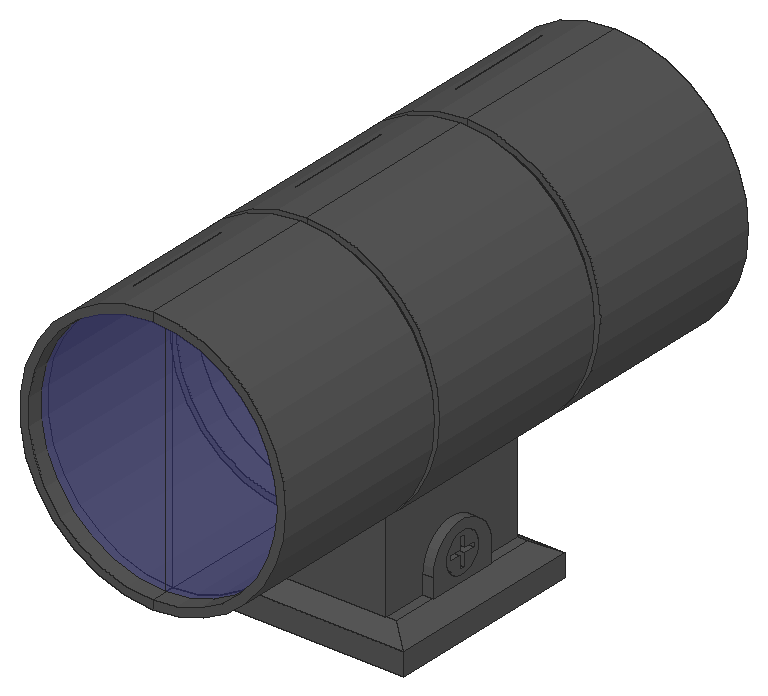
Revit family "CARLO CYLINDER LIGHT WALL MOUNT", category Lighting Fixtures, host Face, Revit 2020 (continued)
Types (10): name | Wattage_Input | Wattage Comments | Wattage | Photometric Web File | built-in parameter 1150142 | Model | built-in parameter 1150105 | Lumens | Light Length 1 | LIGHT RADIUS | LIGHT PLACEMENT | LIGHT LENGTH | LIGHT DIA | built-in parameter 1150106 | FIXED END HEIGHT | Curve base Height | Base Curve | BEAMING ANGLE | Apparent Load
     7.1352 7.4329 7.7281 8.0496 \r\n 8.3892 8.7538 9.1264 9.5001 9.8514 10.14 10.409 10.688 10.971 11.253 \r\n 11.562 11.928 12.336 12.742 13.259 13.955 14.914 16.292 17.95 19.182 \r\n 21.844 27.147 36.32 51.842 71.174 92.923 116.13 139.39 162.69 186.07 \r\n 208.02 226.38 243.1 260.81 275.21 281.16 283.71 286.41 288.62 290.87 \r\n 293.18 295.63 298.66 302.93 307.79 312.93 317.89 322.12 325.6 327.85 \r\n 329.59 331.43 333.24 334.96 337.03 339.94 343.57 347.67 353.22 361.23 \r\n 371.33 383.38 397.67 414.29 433.62 455.77 481.64 512.15 547.39 588.16 \r\n 633.31 682.39 734.09 786.72 841.01 897.41 955.07 1013.5 1071.9 1128.6 \r\n 1185.3 1244.4 1302.5 1356.8 1408.3 1456.4 1502.4 1547.3 1591.2 1634.8 \r\n 1676.7 1716.2 1752.8 1785.1 1814.4 1841.8 1867.2 1891 1913 1933.2 \r\n 1951 1965.7 1977.7 1987.4 1995.3 2001.8 2007 2010.8 2013.2 2013.9 \r\n 2013.2 \r\n2008.1 2009.6 2004.3 1997.2 1988.7 1979 1968 1955.7 1941.8 1926.2 \r\n 1908.5 1888.3 1866 1842 1816.4 1789.8 1761.2 1729.9 1696.3 1660.6 \r\n 1623.3 1585.3 1545.7 1503.7 1459.6 1413.5 1365.4 1315 1262.5 1207.6 \r\n 1151.1 1093.9 1035.2 973.8 911.98 851.61 793.05 737.42 684.33 633.29 \r\n 585.74 542.76 504.82 473.31 446.46 422.8 402.76 386.57 373.29 361.93 \r\n 352.82 346.22 341.43 338.02 335.47 333.11 330.91 328.57 326.13 323.52 \r\n 320.79 318.05 315.07 311.69 307.85 303.06 298.46 295.29 292.78 290.66 \r\n 288.65 286.39 283.86 281.45 277.6 271.43 261.25 243.67 222.85 202.25 \r\n 180.52 157.01 133.06 109.66 87.303 66.417 48.237 34.041 24.114 20.329 \r\n 19.194 17.569 16.27 14.998 13.966 13.369 12.963 12.559 12.191 11.827 \r\n 11.468 11.097 10.737 10.42 10.1 9.7228 9.3412 8.9994 8.6663 8.3193 \r\n 7.9771 7.6569 7.3408 7.0124 6.6842 6.3617 6.0488 5.7588 5.4694 5.1499 \r\n 4.8393 4.5803 4.3305 4.0493 3.7735 3.5349 3.3084 3.0746 2.8483 2.6407 \r\n 2.4432 2.2509 2.0642 1.8799 1.7042 1.545 1.3938 1.2397 1.0989 0.98955 \r\n 0.89481 0.79961 0.71645 0.65646 0.60859 0.56515 0.52716 0.49291 0.46292 0.43767 \r\n 0.4155 0.39677 0.37976 0.36319 0.34605 0.32521 0.30572 0.29276 0.28291 0.2749 \r\n 0.26753 0.25884 0.24986 0.24097 0.2322 0.22455 0.21544 0.20139 0.18609 0.17779 \r\n 0.15937 0.10482 0.04907 0.024821 0.01278 0.0042025 0.00014365 0 0 0 \r\n 0 0 0 0 0 0.0040445 0.018918 0.05755 0.10555 0.15598 \r\n 0.19939 0.21918 0.22981 0.2422 0.2504 0.25013 0.24736 0.24657 0.24807 0.25384 \r\n 0.26342 0.27746 0.29453 0.3136 0.33416 0.35524 0.37729 0.40094 0.4248 0.44696 \r\n 0.46967 0.49446 0.52158 0.55496 0.59478 0.64241 0.69828 0.76209 0.83743 0.92706 \r\n 1.0332 1.1624 1.3047 1.4514 1.6063 1.7708 1.943 2.1207 2.3059 2.4993 \r\n 2.704 2.9271 3.1578 3.3835 3.6178 3.8767 4.141 4.3896 4.6434 4.9181 \r\n 5.2084 5.5204 5.8353 6.126 6.4235 6.7636 7.1042 7.4022 7.696 8.0104 \r\n 8.3435 8.7105 9.0853 9.4502 9.7954 10.096 10.38 10.664 10.952 11.245 \r\n 11.563 11.929 12.338 12.757 13.292 14.009 14.995 16.425 18.099 19.263 \r\n 21.75 26.658 35.442 50.814 70.103 91.908 115.13 138.12 161.14 184.34 \r\n 206.46 226.04 243.81 261.04 274.66 280.51 283.12 285.83 288.06 290.38 \r\n 292.75 295.14 298.12 302.48 307.5 313.01 318.24 322.22 325.35 327.56 \r\n 329.33 331.15 332.94 334.65 336.71 339.51 343.01 346.92 352.25 360.02 \r\n 369.94 382 396.37 413.1 432.53 454.66 480.49 511.03 546.29 586.96 \r\n 631.96 680.85 732.42 785.1 839.56 896.31 954.17 1012.2 1070.1 1126.8 \r\n 1183.5 1241.8 1299 1352.9 1404 1451.8 1497.6 1542.1 1585.5 1628.7 \r\n 1670.5 1710 1746.7 1779.2 1808.8 1836.2 1861.7 1886.2 1908.9 1929.4 \r\n 1947.5 1962.6 1975.1 1985.2 1993.4 2000.5 2006.2 2010.4 2013 2013.9 \r\n 2013.2 \r\n2008.1 2010.1 2005.1 1998.1 1989.6 1980.1 1969.2 1956.8 1942.9 1927.5 \r\n 1910.2 1890 1867.7 1843.5 1817.8 1791.2 1762.9 1731.7 1698.2 1662.4 \r\n 1625 1587 1547.3 1505.3 1461.2 1414.9 1366.8 1316.9 1264.9 1209.9 \r\n 1153.3 1096.8 1038.8 977.71 916.13 856.14 797.95 742.56 689.56 638.31 \r\n 590.39 546.99 508.61 476.82 449.68 425.62 405.13 388.57 374.86 362.83 \r\n 353.18 346.54 341.87 338.47 335.88 333.47 331.21 328.77 326.37 324.23 \r\n 322 319.45 316.52 313.12 309.13 303.97 298.99 295.68 293.13 290.97 \r\n 288.95 286.71 284.19 281.67 277.77 271.86 261.88 243.99 222.95 202.92 \r\n 181.87 158.63 134.75 111.17 88.555 67.513 49.176 34.76 24.611 20.638 \r\n 19.366 17.715 16.418 15.092 13.999 13.354 12.914 12.506 12.14 11.767 \r\n 11.401 11.034 10.683 10.382 10.077 9.7054 9.3263 8.9885 8.6599 8.3195 \r\n 7.983 7.6626 7.3475 7.0304 6.7127 6.3896 6.0725 5.7789 5.4864 5.1652 \r\n 4.8538 4.5953 4.3461 4.064 3.7869 3.5466 3.3194 3.0894 2.8657 2.6529 \r\n 2.4489 2.2541 2.0662 1.8813 1.7051 1.5442 1.392 1.2399 1.1002 0.98646 \r\n 0.88682 0.79079 0.70786 0.64755 0.59934 0.55548 0.51717 0.48294 0.45306 0.42761 \r\n 0.40571 0.38807 0.37201 0.35525 0.33735 0.31479 0.29445 0.2841 0.27754 0.2711 \r\n 0.26504 0.2582 0.25119 0.24422 0.23733 0.23184 0.22418 0.20978 0.19302 0.18253 \r\n 0.16107 0.10176 0.042126 0.017891 0.0075848 0.0016815 0.000085 0 0 0 \r\n 0 0 0 0 0 0.0075551 0.02533 0.061536 0.10709 0.16008 \r\n 0.2072 0.22965 0.24191 0.25351 0.2605 0.26045 0.2583 0.25817 0.26002 0.26508 \r\n 0.2737 0.28723 0.30388 0.32235 0.34258 0.36431 0.38678 0.40881 0.4313 0.45486 \r\n 0.47912 0.50336 0.5292 0.56386 0.60572 0.65571 0.7133 0.77675 0.85064 0.9382 \r\n 1.0418 1.1676 1.3073 1.4544 1.61 1.7736 1.9444 2.1207 2.305 2.4992 \r\n 2.7041 2.9242 3.1508 3.3721 3.6027 3.8596 4.1231 4.3733 4.6285 4.9011 \r\n 5.1888 5.5002 5.8141 6.1006 6.3939 6.7336 7.0746 7.3728 7.6652 7.972 \r\n 8.2982 8.6673 9.0444 9.4007 9.7408 10.056 10.358 10.65 10.944 11.248 \r\n 11.577 11.944 12.354 12.785 13.338 14.076 15.088 16.574 18.265 19.356 \r\n 21.654 26.135 34.492 49.679 68.893 90.723 113.94 136.65 159.41 182.45 \r\n 204.78 225.62 244.49 261.22 274.05 279.82 282.52 285.25 287.51 289.9 \r\n 292.31 294.63 297.55 301.96 307.14 313.06 318.59 322.29 325.06 327.26 \r\n 329.09 330.89 332.64 334.36 336.39 339.09 342.41 346.13 351.25 358.76 \r\n 368.47 380.52 394.97 411.83 431.39 453.54 479.37 509.96 545.24 585.84 \r\n 630.72 679.4 730.82 783.64 838.32 895.39 953.4 1011.1 1068.4 1125 \r\n 1181.5 1238.9 1295.1 1348.4 1399.1 1446.8 1492.4 1536.6 1579.6 1622.5 \r\n 1664 1703.6 1740.5 1773.2 1803.1 1830.6 1856.3 1881.4 1904.7 1925.5 \r\n 1943.9 1959.4 1972.3 1982.9 1991.6 1999.1 2005.3 2009.9 2012.8 2013.9 \r\n 2013.2 \r\n2008.1 2010.6 2005.9 1999.1 1990.6 1981.3 1970.6 1958.2 1944.2 1929.2 \r\n 1912.2 1892.1 1869.8 1845.5 1819.7 1793.2 1764.9 1733.9 1700.5 1664.7 \r\n 1627.1 1589 1549.2 1507.2 1463.1 1416.8 1368.7 1319.3 1267.8 1212.7 \r\n 1156.1 1100.2 1043 982.24 920.91 861.4 803.63 748.45 695.47 644.01 \r\n 595.73 551.89 513.06 480.88 453.36 428.85 407.91 390.9 376.71 364.01 \r\n 353.8 347.08 342.46 339 336.37 333.9 331.58 329.05 326.69 325 \r\n 323.27 320.91 318.05 314.67 310.57 305.02 299.63 296.16 293.53 291.33 \r\n 289.3 287.08 284.57 281.98 278.04 272.34 262.56 244.5 223.39 203.94 \r\n 183.55 160.62 136.84 113.06 90.151 68.922 50.388 35.697 25.265 21.033 \r\n 19.571 17.887 16.598 15.215 14.056 13.358 12.88 12.462 12.097 11.716 \r\n 11.345 10.982 10.64 10.353 10.062 9.6967 9.3211 8.9865 8.6611 8.3255 \r\n 7.9931 7.6725 7.3588 7.0533 6.7462 6.4219 6.1001 5.8035 5.5082 5.1852 \r\n 4.8728 4.6149 4.3663 4.0838 3.8058 3.5632 3.3348 3.1087 2.8877 2.6688 \r\n 2.4577 2.2611 2.0729 1.887 1.7097 1.5473 1.3941 1.2437 1.1049 0.98637 \r\n 0.88159 0.78476 0.70203 0.64078 0.59155 0.54699 0.50824 0.474 0.44422 0.41846 \r\n 0.39659 0.37966 0.36421 0.34711 0.32855 0.30501 0.28453 0.27675 0.27324 0.26823 \r\n 0.26334 0.2582 0.25301 0.24783 0.24268 0.23901 0.23261 0.21831 0.20052 0.18745 \r\n 0.16247 0.098418 0.035042 0.010898 0.002388 0 0.000027 0 0 0 \r\n 0 0 0 0 0.00018246 0.010734 0.030731 0.063792 0.10648 0.16258 \r\n 0.21401 0.23885 0.25234 0.26313 0.26903 0.26944 0.26817 0.26892 0.27134 0.27599 \r\n 0.28386 0.29675 0.31273 0.33033 0.34988 0.37179 0.39426 0.41463 0.43578 0.4607 \r\n 0.48649 0.51037 0.53525 0.57104 0.61462 0.66659 0.72567 0.78909 0.86197 0.94763 \r\n 1.0487 1.1711 1.3082 1.4557 1.6121 1.774 1.9429 2.1188 2.3031 2.4971 \r\n 2.7013 2.9193 3.1431 3.3605 3.5875 3.8423 4.1053 4.3581 4.6154 4.8857 \r\n 5.1702 5.4814 5.7947 6.0775 6.3672 6.7063 7.0475 7.346 7.6369 7.9367 \r\n 8.2566 8.6276 9.0068 9.3556 9.692 10.023 10.344 10.644 10.945 11.261 \r\n 11.599 11.965 12.376 12.818 13.385 14.14 15.174 16.711 18.416 19.438 \r\n 21.554 25.616 33.543 48.512 67.605 89.406 112.58 135.07 157.63 180.56 \r\n 203.09 225.06 244.9 261.24 273.41 279.16 281.97 284.73 287.02 289.46 \r\n 291.9 294.14 297 301.42 306.73 313.07 318.92 322.34 324.75 326.97 \r\n 328.88 330.64 332.35 334.08 336.09 338.65 341.8 345.34 350.25 357.49 \r\n 366.98 379.01 393.53 410.53 430.23 452.44 478.32 508.98 544.3 584.88 \r\n 629.67 678.15 729.45 782.45 837.4 894.7 952.78 1010.1 1067 1123.5 \r\n 1179.6 1236 1291.1 1343.8 1394.2 1441.8 1487.3 1531.2 1573.9 1616.4 \r\n 1657.7 1697.4 1734.5 1767.5 1797.6 1825.2 1851.1 1876.7 1900.6 1921.7 \r\n 1940.3 1956.1 1969.5 1980.5 1989.7 1997.7 2004.3 2009.3 2012.5 2013.8 \r\n 2013.2 \r\n2008.1 2011.1 2006.8 2000.2 1991.9 1982.7 1972.2 1959.9 1946.1 1931.4 \r\n 1914.7 1894.9 1872.7 1848.4 1822.4 1795.8 1767.4 1736.6 1703.5 1667.5 \r\n 1629.8 1591.3 1551.2 1509.3 1465.4 1419.2 1371.3 1322.2 1271.1 1216.3 \r\n 1160.1 1104.9 1048.3 987.87 926.88 868.06 810.87 755.71 702.53 650.91 \r\n 602.38 558.09 518.69 485.87 457.71 432.68 411.22 393.61 378.83 365.58 \r\n 354.92 347.94 343.16 339.58 336.87 334.36 332.05 329.56 327.32 325.91 \r\n 324.47 322.25 319.47 316.28 312.24 306.31 300.47 296.77 293.99 291.73 \r\n 289.69 287.5 285.05 282.45 278.59 273.22 263.77 245.71 224.67 205.79 \r\n 186 163.32 139.57 115.61 92.421 71.012 52.248 37.14 26.25 21.597 \r\n 19.819 18.084 16.821 15.383 14.163 13.417 12.903 12.471 12.101 11.717 \r\n 11.348 10.994 10.664 10.38 10.09 9.7298 9.3586 9.0248 8.698 8.3589 \r\n 8.0231 7.7012 7.3889 7.091 6.7907 6.4639 6.1377 5.8397 5.5438 5.22 \r\n 4.9073 4.6496 4.4015 4.1199 3.842 3.5961 3.3649 3.1411 2.9216 2.6959 \r\n 2.4779 2.2827 2.0969 1.9089 1.7289 1.5659 1.4126 1.2625 1.1227 0.99965 \r\n 0.89019 0.79254 0.70937 0.645 0.59256 0.54652 0.50706 0.47267 0.44286 0.41659 \r\n 0.39404 0.37637 0.36022 0.34234 0.32355 0.3012 0.28237 0.27606 0.27376 0.26925 \r\n 0.26465 0.26002 0.25535 0.25064 0.24591 0.24249 0.23639 0.22288 0.20541 0.19123 \r\n 0.16427 0.097054 0.031094 0.0072235 0 0 0 0 0 0 \r\n 0 0 0 0 0.00026076 0.010933 0.030226 0.059557 0.099457 0.15854 \r\n 0.21398 0.24021 0.25406 0.26417 0.26952 0.27112 0.2715 0.27366 0.27713 0.28207 \r\n 0.28968 0.30185 0.31673 0.33299 0.351 0.37116 0.392 0.41119 0.43184 0.45765 \r\n 0.48457 0.50877 0.53359 0.5695 0.61327 0.66557 0.72523 0.79 0.86386 0.94878 \r\n 1.0485 1.1693 1.3053 1.4536 1.6106 1.7703 1.9374 2.1153 2.3012 2.492 \r\n 2.6928 2.9121 3.1374 3.3531 3.5778 3.8313 4.0942 4.35 4.6097 4.8765 \r\n 5.157 5.4679 5.7816 6.0628 6.3509 6.69 7.0315 7.3299 7.62 7.9167 \r\n 8.2343 8.6085 8.991 9.3365 9.6717 10.013 10.346 10.656 10.964 11.283 \r\n 11.62 11.982 12.39 12.834 13.406 14.159 15.193 16.749 18.457 19.444 \r\n 21.455 25.264 32.902 47.64 66.529 88.139 111.19 133.72 156.36 179.32 \r\n 201.92 224.1 244.18 260.64 272.91 278.79 281.72 284.51 286.8 289.22 \r\n 291.64 293.83 296.63 301 306.35 313.06 319.22 322.43 324.56 326.79 \r\n 328.77 330.48 332.12 333.82 335.78 338.21 341.21 344.61 349.38 356.42 \r\n 365.76 377.74 392.32 409.47 429.37 451.76 477.82 508.66 544.15 584.86 \r\n 629.74 678.16 729.44 782.75 837.96 895.07 952.89 1010.2 1067.1 1123.3 \r\n 1179 1234.4 1288.6 1340.7 1390.8 1438.2 1483.6 1527.2 1569.6 1611.9 \r\n 1653 1692.7 1729.8 1762.8 1793 1820.9 1847.1 1873.1 1897.3 1918.5 \r\n 1937.2 1953.2 1966.8 1978.2 1987.8 1996.2 2003.2 2008.6 2012.2 2013.7 \r\n 2013.2 \r\n2008.1 2011.5 2007.6 2001.3 1993.3 1984.4 1974 1961.9 1948.4 1934.1 \r\n 1917.8 1898.2 1876.2 1852 1826.1 1799 1770.4 1739.8 1707 1670.9 \r\n 1632.8 1593.9 1553.4 1511.5 1467.8 1422.1 1374.5 1325.6 1274.7 1220.6 \r\n 1165.2 1110.6 1054.5 994.38 933.77 875.81 819.33 764 710.42 658.73 \r\n 610.05 565.31 525.27 491.59 462.56 436.95 414.95 396.6 381.12 367.48 \r\n 356.51 349.1 343.94 340.17 337.37 334.85 332.61 330.29 328.24 326.93 \r\n 325.56 323.39 320.72 317.87 314.06 307.79 301.48 297.48 294.5 292.15 \r\n 290.11 287.97 285.6 283.09 279.4 274.49 265.52 247.63 226.76 208.42 \r\n 189.14 166.62 142.86 118.73 95.301 73.727 54.703 39.045 27.533 22.308 \r\n 20.101 18.298 17.079 15.591 14.314 13.528 12.984 12.532 12.153 11.771 \r\n 11.411 11.073 10.753 10.461 10.161 9.8041 9.4378 9.1023 8.7701 8.4193 \r\n 8.0725 7.7483 7.4372 7.1423 6.8444 6.5143 6.1843 5.8866 5.5921 5.2689 \r\n 4.9565 4.6985 4.4504 4.1712 3.8945 3.6446 3.4088 3.1857 2.9663 2.7335 \r\n 2.5096 2.3185 2.1377 1.9467 1.7627 1.6001 1.4476 1.296 1.1537 1.0264 \r\n 0.91293 0.81445 0.73017 0.66071 0.603 0.55474 0.51428 0.47957 0.4496 0.42266 \r\n 0.39875 0.37893 0.36076 0.34174 0.32313 0.30398 0.2884 0.28229 0.27924 0.27421 \r\n 0.26896 0.2636 0.25812 0.25253 0.24687 0.24219 0.23543 0.2233 0.2075 0.19387 \r\n 0.16676 0.098276 0.031012 0.0070223 0 0 0 0 0 0 \r\n 0 0 0 0 0.00020703 0.0080571 0.023705 0.048932 0.08629 0.14798 \r\n 0.20684 0.23342 0.24682 0.25645 0.26185 0.26531 0.26802 0.27201 0.27695 0.2828 \r\n 0.29064 0.30198 0.31539 0.32989 0.34558 0.36215 0.37989 0.39846 0.41944 0.4456 \r\n 0.47313 0.4983 0.52387 0.55887 0.60129 0.6522 0.71144 0.77878 0.85547 0.94083 \r\n 1.0404 1.1616 1.2981 1.4474 1.6048 1.7622 1.9275 2.1095 2.2987 2.4834 \r\n 2.6785 2.902 3.1331 3.3491 3.5729 3.8259 4.089 4.3481 4.61 4.8726 \r\n 5.1482 5.459 5.7739 6.0556 6.3442 6.6838 7.0255 7.3235 7.6136 7.9113 \r\n 8.2311 8.6094 8.9959 9.3423 9.6786 10.024 10.363 10.682 10.996 11.31 \r\n 11.638 11.991 12.39 12.83 13.395 14.126 15.137 16.678 18.374 19.364 \r\n 21.352 25.079 32.57 47.061 65.662 86.917 109.77 132.6 155.62 178.74 \r\n 201.25 222.73 242.28 259.39 272.53 278.71 281.75 284.59 286.85 289.21 \r\n 291.53 293.69 296.45 300.69 305.99 312.99 319.43 322.53 324.48 326.72 \r\n 328.73 330.38 331.95 333.58 335.46 337.77 340.65 343.96 348.64 355.56 \r\n 364.8 376.74 391.33 408.64 428.76 451.43 477.78 508.89 544.64 585.64 \r\n 630.76 679.26 730.64 784.34 839.79 896.31 953.56 1011.2 1068.5 1124.4 \r\n 1179.4 1234.1 1287.6 1339.3 1389 1436.1 1481.2 1524.6 1566.8 1608.9 \r\n 1649.9 1689.5 1726.5 1759.3 1789.4 1817.7 1844.5 1870.5 1894.7 1916 \r\n 1934.7 1950.6 1964.2 1975.8 1985.8 1994.6 2001.9 2007.8 2011.8 2013.5 \r\n 2013.2 \r\n2008.1 2012 2008.5 2002.5 1994.8 1986.1 1976 1964.1 1950.9 1937 \r\n 1921 1901.7 1879.9 1855.9 1829.9 1802.5 1773.5 1743.2 1710.7 1674.5 \r\n 1636.1 1596.6 1555.8 1513.9 1470.5 1425.1 1377.9 1329.1 1278.3 1224.9 \r\n 1170.3 1116.2 1060.5 1000.7 940.55 883.42 827.6 772.06 718.07 666.33 \r\n 617.56 572.42 531.78 497.22 467.32 441.17 418.69 399.6 383.44 369.48 \r\n 358.25 350.37 344.79 340.79 337.89 335.36 333.19 331.07 329.21 327.93 \r\n 326.56 324.42 321.86 319.38 315.82 309.27 302.53 298.22 295.01 292.58 \r\n 290.53 288.43 286.15 283.73 280.24 275.79 267.32 249.75 229.19 211.28 \r\n 192.37 169.99 146.22 121.96 98.342 76.594 57.279 41.036 28.867 23.042 \r\n 20.388 18.517 17.346 15.81 14.479 13.654 13.08 12.606 12.217 11.838 \r\n 11.488 11.164 10.855 10.552 10.239 9.8854 9.5241 9.1865 8.8478 8.4837 \r\n 8.1246 7.7982 7.4884 7.1954 6.8985 6.5649 6.2313 5.9347 5.6422 5.3199 \r\n 5.0078 4.7491 4.5008 4.2244 3.9496 3.6954 3.4548 3.2319 3.0123 2.7732 \r\n 2.544 2.3574 2.1816 1.9877 1.7999 1.6378 1.4861 1.3327 1.1875 1.0563 \r\n 0.93933 0.8401 0.75467 0.68 0.61688 0.56621 0.52459 0.48939 0.45913 0.43157 \r\n 0.40623 0.38397 0.3635 0.34331 0.32497 0.30929 0.29706 0.29062 0.28615 0.28021 \r\n 0.27401 0.26763 0.26107 0.25439 0.24762 0.24144 0.2339 0.22337 0.20957 0.19672 \r\n 0.1698 0.10096 0.032974 0.0079351 0 0 0 0 0 0 \r\n 0 0 0 0 0.00013953 0.0045024 0.015835 0.03688 0.071729 0.13583 \r\n 0.19786 0.22443 0.23712 0.2465 0.25227 0.25764 0.26264 0.26844 0.27482 0.2817 \r\n 0.28984 0.30031 0.31211 0.32468 0.3379 0.35078 0.36539 0.38353 0.40498 0.43113 \r\n 0.4589 0.48508 0.5116 0.54543 0.58608 0.63507 0.69341 0.76314 0.84268 0.92873 \r\n 1.0285 1.1503 1.2873 1.4374 1.5951 1.75 1.9138 2.1001 2.2926 2.4711 \r\n 2.6604 2.8885 3.1258 3.3429 3.5663 3.8186 4.0817 4.3444 4.6088 4.8671 \r\n 5.1378 5.4486 5.765 6.0481 6.3379 6.6777 7.0194 7.3171 7.6075 7.9075 \r\n 8.2304 8.6118 9.0011 9.3493 9.6875 10.035 10.378 10.706 11.025 11.332 \r\n 11.65 11.994 12.384 12.818 13.369 14.073 15.052 16.565 18.242 19.249 \r\n 21.234 24.899 32.247 46.446 64.702
